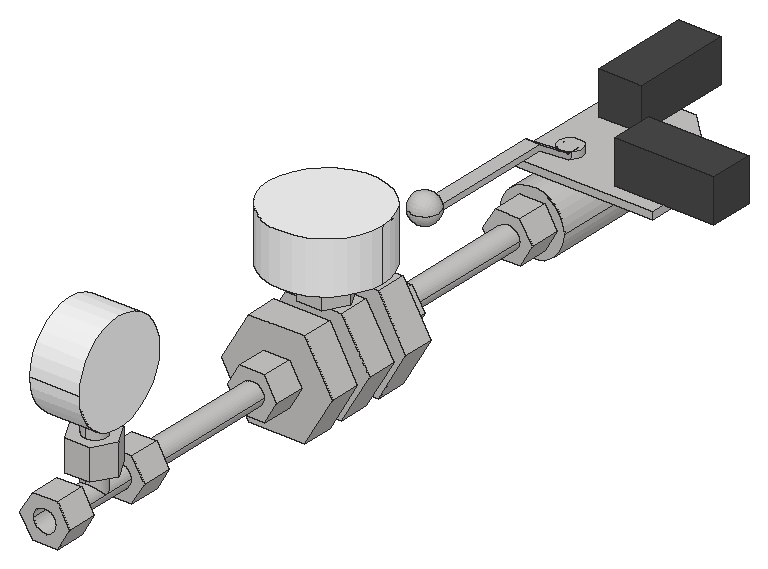
Revit family "Valvula de control con detector de flujo", category Accesorios de tuberías, Revit 2017
Family settings
  Cota de conector redondo = Radio de uso
  Tipo de pieza = Válvula - Se divide en
  Número OmniClass = 23.65.55.14.17
  Título OmniClass = Adjusting/Controlling Valves for Liquid Services
  Se basa en plano de trabajo = No
  Siempre vertical = Sí
  Corte con vacíos al cargar = No
  Compartido = No
Parameters (values of type "Válvula de control con detector de flujo - D 16 mm")
  URL = "http://aguilera.es/?productos=valvulas-de-control"
  Símbolo texto = yes
  Símbolo = yes
  R4 = R1 / 2  # 7.5 mm
  R3 = R2 * 1.5  # 33.75 mm
  R2 = R1 * 1.5  # 22.5 mm
  R1 = Radio + 7 mm  # 15 mm
  D4 = R4 * 2  # 15 mm
  D3 = R3 * 2  # 67.5 mm
  D2 = R2 * 2  # 45 mm
  D1 = R1 * 2  # 30 mm
  Type Comments = ""
  Modelo = "AN/VC16"
  Fabricante = "Grupo Aguilera"  # constant formula
  L mm = 99 mm
  Keynote = ""
  H mm = 138 mm
  Descripción = "Dispositivo de control diseñado como elemento de supervisión del sistema de agua nebulizada. Se instala en aquellos tramos de tubería en los que se precise una confirmación de estado y garantía de funcionamiento del sistema en caso de disparo. Este equipo se fabrica en acero inoxidable para cuatro diámetros de paso del colector."  # constant formula
  Code = ""
  Assembly Code = ""
  A mm = 70 mm
  Radio = 8 mm
Reference planes
  plane 1 "Center (Front/Back)": y = 0
  plane 2: z = 0
  plane 3 "Center (Left/Right)": x = 0
  plane 4: through (-17.315, -1726.5, -0.009) normal (0.866, 0, 0.5)
  plane 5: through (8.142, -1726.5, 15.897) normal (0.866, 0, 0.5)
  plane 6: through (-6.386, -1726.5, 11.061) normal (0.866, 0, 0.5)
  plane 7: through (-8.65, -1726.5, 14.982) normal (0.866, 0, -0.5)
  plane 8: through (8.665, -1726.5, 14.973) normal (0.866, 0, -0.5)
  plane 9: through (17.331, -1726.5, -0.018) normal (0.866, 0, -0.5)
  plane 10: z = 15
  plane 11: z = -15
  plane 12: through (-6.376, -1458.5, 11.061) normal (0.866, 0, 0.5)
  plane 13: y = -225
  plane 14: y = -181
  plane 15: y = -246.5
  plane 16: through (-17.315, -1480, -0.009) normal (0.866, 0, 0.5)
  plane 17: through (8.142, -1480, 15.897) normal (0.866, 0, 0.5)
  plane 18: through (-6.386, -1480, 11.061) normal (0.866, 0, 0.5)
  plane 19: through (-8.65, -1480, 14.982) normal (0.866, 0, -0.5)
  plane 20: through (8.665, -1480, 14.973) normal (0.866, 0, -0.5)
  plane 21: through (17.331, -1480, -0.018) normal (0.866, 0, -0.5)
  plane 22: z = 15
  plane 23: z = -15
  plane 24: y = -159.5
  plane 25: through (-6.386, -1458.5, 11.061) normal (0.866, 0, 0.5)
  plane 26: y = -64.5
  plane 27: through (-17.315, -1363.5, -0.009) normal (0.866, 0, 0.5)
  plane 28: through (8.142, -1363.5, 15.897) normal (0.866, 0, 0.5)
  plane 29: through (-6.386, -1363.5, 11.061) normal (0.866, 0, 0.5)
  plane 30: through (-8.65, -1363.5, 14.982) normal (0.866, 0, -0.5)
  plane 31: through (8.665, -1363.5, 14.973) normal (0.866, 0, -0.5)
  plane 32: through (17.331, -1363.5, -0.018) normal (0.866, 0, -0.5)
  plane 33: z = 15
  plane 34: z = -15
  plane 35: y = -43
  plane 36: through (-33.553, -1342, -9.384) normal (0.866, 0, 0.5)
  plane 37: through (24.38, -1342, 25.272) normal (0.866, 0, 0.5)
  plane 38: through (-6.386, -1342, 11.061) normal (0.866, 0, 0.5)
  plane 39: through (-24.888, -1342, 24.357) normal (0.866, 0, -0.5)
  plane 40: through (8.665, -1342, 14.973) normal (0.866, 0, -0.5)
  plane 41: through (33.569, -1342, -9.393) normal (0.866, 0, -0.5)
  plane 42: z = 33.75
  plane 43: z = -33.75
  plane 44: y = -21.5
  plane 45: through (-33.553, -1309.75, -9.384) normal (0.866, 0, 0.5)
  plane 46: through (24.38, -1309.75, 25.272) normal (0.866, 0, 0.5)
  plane 47: through (-6.386, -1309.75, 11.061) normal (0.866, 0, 0.5)
  plane 48: through (-24.888, -1309.75, 24.357) normal (0.866, 0, -0.5)
  plane 49: through (8.665, -1309.75, 14.973) normal (0.866, 0, -0.5)
  plane 50: through (33.569, -1309.75, -9.393) normal (0.866, 0, -0.5)
  plane 51: z = 33.75
  plane 52: z = -33.75
  plane 53: y = -10.75
  plane 54: y = 10.75
  plane 55: z = 0
  plane 56: through (-6.386, -1320.5, 11.061) normal (0.866, 0, 0.5)
  plane 57: through (-6.386, -1288.25, 11.061) normal (0.866, 0, 0.5)
  plane 58: y = 21.5
  plane 59: through (-33.553, -1277.5, -9.384) normal (0.866, 0, 0.5)
  plane 60: through (24.38, -1277.5, 25.272) normal (0.866, 0, 0.5)
  plane 61: through (-6.386, -1277.5, 11.061) normal (0.866, 0, 0.5)
  plane 62: through (-24.888, -1277.5, 24.357) normal (0.866, 0, -0.5)
  plane 63: through (8.665, -1277.5, 14.973) normal (0.866, 0, -0.5)
  plane 64: through (33.569, -1277.5, -9.393) normal (0.866, 0, -0.5)
  plane 65: z = 33.75
  plane 66: z = -33.75
  plane 67: z = 0
  plane 68: through (-17.315, -1256, -0.009) normal (0.866, 0, 0.5)
  plane 69: through (8.142, -1256, 15.897) normal (0.866, 0, 0.5)
  plane 70: through (-6.386, -1256, 11.061) normal (0.866, 0, 0.5)
  plane 71: through (-8.65, -1256, 14.982) normal (0.866, 0, -0.5)
  plane 72: through (8.665, -1256, 14.973) normal (0.866, 0, -0.5)
  plane 73: through (17.331, -1256, -0.018) normal (0.866, 0, -0.5)
  plane 74: z = 15
  plane 75: z = -15
  plane 76: z = 0
  plane 77: y = 43
  plane 78: y = 64.5
  plane 79: through (-6.386, -1234.5, 11.061) normal (0.866, 0, 0.5)
  plane 80: y = 159.5
  plane 81: through (-17.315, -1139.5, -0.009) normal (0.866, 0, 0.5)
  plane 82: through (8.142, -1139.5, 15.897) normal (0.866, 0, 0.5)
  plane 83: through (-6.386, -1139.5, 11.061) normal (0.866, 0, 0.5)
  plane 84: through (-8.65, -1139.5, 14.982) normal (0.866, 0, -0.5)
  plane 85: through (8.665, -1139.5, 14.973) normal (0.866, 0, -0.5)
  plane 86: through (17.331, -1139.5, -0.018) normal (0.866, 0, -0.5)
  plane 87: z = 15
  plane 88: z = -15
  plane 89: z = 0
  plane 90: y = 181
  plane 91: through (-6.386, -1118, 11.061) normal (0.866, 0, 0.5)
  plane 92: y = 249
  plane 93: y = 270.5
  plane 94: through (-17.315, -1050, -0.009) normal (0.866, 0, 0.5)
  plane 95: through (8.142, -1050, 15.897) normal (0.866, 0, 0.5)
  plane 96: through (-6.386, -1050, 11.061) normal (0.866, 0, 0.5)
  plane 97: through (-8.65, -1050, 14.982) normal (0.866, 0, -0.5)
  plane 98: through (8.665, -1050, 14.973) normal (0.866, 0, -0.5)
  plane 99: through (17.331, -1050, -0.018) normal (0.866, 0, -0.5)
  plane 100: z = 15
  plane 101: z = -15
  plane 102: z = 0
  plane 103: through (-17.315, -202.991, 1516.5) normal (0.866, 0.5, 0)
  plane 104: through (8.142, -187.085, 1516.5) normal (0.866, 0.5, 0)
  plane 105: through (-6.386, -191.922, 1516.5) normal (0.866, 0.5, 0)
  plane 106: through (-8.65, -188, 1516.5) normal (0.866, -0.5, 0)
  plane 107: through (8.665, -188.009, 1516.5) normal (0.866, -0.5, 0)
  plane 108: through (17.331, -203, 1516.5) normal (0.866, -0.5, 0)
  plane 109: y = -187.982
  plane 110: y = -217.982
  plane 111: y = -203
  plane 112: z = 15
  plane 113: z = 36.5
  plane 114: y = -202.982
  plane 115: through (-17.315, -202.991, 1538) normal (0.866, 0.5, 0)
  plane 116: through (8.142, -187.085, 1538) normal (0.866, 0.5, 0)
  plane 117: through (-6.386, -191.922, 1538) normal (0.866, 0.5, 0)
  plane 118: y = -187.982
  plane 119: y = -217.982
  plane 120: y = -202.982
  plane 121: z = 51.5
  plane 122: through (17.315, 0.009, -1467.75) normal (-0.866, 0.5, 0)
  plane 123: through (-8.142, 15.915, -1467.75) normal (-0.866, 0.5, 0)
  plane 124: through (6.386, 11.078, -1467.75) normal (-0.866, 0.5, 0)
  plane 125: through (8.65, 15, -1467.75) normal (-0.866, -0.5, 0)
  plane 126: through (-8.665, 14.991, -1467.75) normal (-0.866, -0.5, 0)
  plane 127: through (-17.331, 0, -1467.75) normal (-0.866, -0.5, 0)
  plane 128: y = 15.018
  plane 129: y = -14.982
  plane 130: y = 0.018
  plane 131: through (-17.315, -0.009, 1538) normal (0.866, 0.5, 0)
  plane 132: through (8.142, 15.897, 1538) normal (0.866, 0.5, 0)
  plane 133: through (-6.386, 11.061, 1538) normal (0.866, 0.5, 0)
  plane 134: y = 15
  plane 135: y = -15
  plane 136: y = 0
  plane 137: through (-17.315, 214.462, 1538) normal (0.866, 0.5, 0)
  plane 138: through (8.142, 230.368, 1538) normal (0.866, 0.5, 0)
  plane 139: through (-6.386, 225.531, 1538) normal (0.866, 0.5, 0)
  plane 140: y = 229.471
  plane 141: y = 199.471
  plane 142: y = 214.471
Forms (mm)
  Extrusion 1, solid, material "Acero inoxidable"
    sketch origin (-18, -225, 104.173) x (1, 0, 0) y (0, 0, 1)
      loop
        line (26.66, -89.173) -> (9.36, -89.173) -> (0.69, -104.191) -> (9.34, -119.173) -> (26.681, -119.173) -> (35.331, -104.191) -> (26.66, -89.173)
      loop
        circle (18, -104.173) r 8
    from 0 to 21.5
  Extrusion 2, solid, material "Acero inoxidable"
    sketch origin (-17.31, -159.5, 1200) x (-1, 0, 0) y (0, 0, 1)
      loop
        circle (-17.341, -1200.036) r 8
    from -65.5 to -21.5
  Extrusion 3, solid, material "Acero inoxidable"
    sketch origin (-17.31, -181, 1200) x (-1, 0, 0) y (0, 0, 1)
      loop
        line (-25.971, -1185) -> (-34.641, -1200.018) -> (-25.991, -1215) -> (-8.65, -1215) -> (0, -1200.018) -> (-8.671, -1185) -> (-25.971, -1185)
      loop
        circle (-17.31, -1200) r 8
    from 0 to 21.5
  Extrusion 4, solid, material "Acero inoxidable"
    sketch origin (-60.275, -159.5, 1200) x (-1, 0, 0) y (0, 0, 1)
      loop
        circle (-60.275, -1200) r 8
    from 0 to 95
  Extrusion 5, solid, material "Acero inoxidable"
    sketch origin (-17.31, -64.5, 1200) x (-1, 0, 0) y (0, 0, 1)
      loop
        line (-25.971, -1185) -> (-34.641, -1200.018) -> (-25.991, -1215) -> (-8.65, -1215) -> (0, -1200.018) -> (-8.671, -1185) -> (-25.971, -1185)
      loop
        circle (-17.31, -1200) r 8
    from 0 to 21.5
  Extrusion 6, solid, material "Acero inoxidable"
    sketch origin (-17.31, -43, 1200) x (-1, 0, 0) y (0, 0, 1)
      loop
        line (-36.796, -1166.25) -> (-56.292, -1200.018) -> (-36.816, -1233.75) -> (2.175, -1233.75) -> (21.651, -1200.018) -> (2.155, -1166.25) -> (-36.796, -1166.25)
      loop
        circle (-17.31, -1200) r 8
    from 0 to 21.5
  Extrusion 7, solid, material "Acero inoxidable"
    sketch origin (-17.31, -10.75, 1200) x (-1, 0, 0) y (0, 0, 1)
      loop
        line (-36.796, -1166.25) -> (-56.292, -1200.018) -> (-36.816, -1233.75) -> (2.175, -1233.75) -> (21.651, -1200.018) -> (2.155, -1166.25) -> (-36.796, -1166.25)
      loop
        circle (-17.31, -1200) r 8
    from 0 to 21.5
  Extrusion 8, solid, material "Acero inoxidable"
    sketch origin (-17.31, -21.5, 1200) x (-1, 0, 0) y (0, 0, 1)
      loop
        circle (-17.31, -1200) r 15
    from 0 to 10.75
  Extrusion 9, solid, material "Acero inoxidable"
    sketch origin (-17.31, 10.75, 1200) x (-1, 0, 0) y (0, 0, 1)
      loop
        circle (-17.31, -1200) r 15
    from 0 to 10.75
  Extrusion 10, solid, material "Acero inoxidable"
    sketch origin (-17.31, 21.5, 1200) x (-1, 0, 0) y (0, 0, 1)
      loop
        line (-36.796, -1166.25) -> (-56.292, -1200.018) -> (-36.816, -1233.75) -> (2.175, -1233.75) -> (21.651, -1200.018) -> (2.155, -1166.25) -> (-36.796, -1166.25)
      loop
        circle (-17.31, -1200) r 8
    from 0 to 21.5
  Extrusion 11, solid, material "Acero inoxidable"
    sketch origin (-17.31, 43, 1200) x (-1, 0, 0) y (0, 0, 1)
      loop
        line (-25.971, -1185) -> (-34.641, -1200.018) -> (-25.991, -1215) -> (-8.65, -1215) -> (0, -1200.018) -> (-8.671, -1185) -> (-25.971, -1185)
      loop
        circle (-17.31, -1200) r 8
    from 0 to 21.5
  Extrusion 12, solid, material "Acero inoxidable"
    sketch origin (-17.31, 64.5, 1200) x (-1, 0, 0) y (0, 0, 1)
      loop
        circle (-17.31, -1200) r 8
    from 0 to 95
  Extrusion 13, solid, material "Acero inoxidable"
    sketch origin (14.466, 159.5, 1200) x (-1, 0, 0) y (0, 0, 1)
      loop
        line (5.806, -1185) -> (-2.864, -1200.018) -> (5.786, -1215) -> (23.127, -1215) -> (31.777, -1200.018) -> (23.106, -1185) -> (5.806, -1185)
      loop
        circle (14.466, -1200) r 8
    from 0 to 21.5
  Extrusion 14, solid, material "Acero inoxidable"
    sketch origin (-17.31, 181, 1200) x (-1, 0, 0) y (0, 0, 1)
      loop
        circle (-17.31, -1200) r 22.5
    from 0 to 68
  Extrusion 15, solid, material "Acero inoxidable"
    sketch origin (-17.31, 249, 1200) x (-1, 0, 0) y (0, 0, 1)
      loop
        line (-25.971, -1185) -> (-34.641, -1200.018) -> (-25.991, -1215) -> (-8.65, -1215) -> (0, -1200.018) -> (-8.671, -1185) -> (-25.971, -1185)
      loop
        circle (-17.31, -1200) r 8
    from 0 to 21.5
  Extrusion 16, solid, material "Acero inoxidable"
    sketch origin (4267.2, -246.5, 15) x (0, -1, 0) y (1, 0, 0)
      loop
        line (-58.518, -4258.54) -> (-58.518, -4275.84) -> (-43.5, -4284.51) -> (-28.518, -4275.86) -> (-28.518, -4258.519) -> (-43.5, -4249.869) -> (-58.518, -4258.54)
      loop
        circle (-43.518, -4267.2) r 8
    from 0 to 21.5
  Extrusion 17, solid, material "Acero inoxidable"
    sketch origin (4267.2, -243.827, 36.5) x (0, -1, 0) y (1, 0, 0)
      loop
        circle (-40.845, -4267.2) r 8
    from -36.5 to 15
  Extrusion 18, solid, material "Plastico blanco"
    sketch origin (0, 0, 0) x (0, 1, 0) y (0, 0, 1)
      loop
        circle (-203, 80.689) r 35
    from -17.31 to 17.331
  Extrusion 19, solid, material "Acero inoxidable"
    sketch origin (-3.608, -10.75, 33.75) x (-1, 0, 0) y (0, -1, 0)
      loop
        line (5.052, -25.768) -> (13.722, -10.75) -> (5.072, 4.232) -> (-12.269, 4.232) -> (-20.919, -10.75) -> (-12.248, -25.768) -> (5.052, -25.768)
      loop
        circle (-3.608, -10.768) r 8
    from 0 to 21.5
  Extrusion 20, solid, material "Acero inoxidable"
    sketch origin (4267.2, -40.845, 36.5) x (0, -1, 0) y (1, 0, 0)
      loop
        circle (-40.845, -4267.2) r 8
    from -36.5 to 15
  Extrusion 21, solid, material "Plastico blanco"
    sketch origin (-3.608, -10.75, 55.25) x (-1, 0, 0) y (0, -1, 0)
      loop
        circle (-3.608, -10.75) r 40
    from 0 to 36.255
  Extrusion 22, solid, material "Acero inoxidable"
    sketch origin (8.66, 274, 15) x (-1, 0, 0) y (0, -1, 0)
      loop
        line (31.01, -15.471) -> (31.01, 84.529) -> (-68.99, 84.529) -> (-68.99, 34.529) -> (-18.99, -15.471) -> (31.01, -15.471)
    from 10 to 15
  Extrusion 23, solid, material "Acero inoxidable"
    sketch origin (4267.2, 173.626, 36.5) x (0, -1, 0) y (1, 0, 0)
      loop
        circle (-40.845, -4267.2) r 8
    from -36.5 to -2.503
  Extrusion 24, solid, material "Plastico negro"
    sketch origin (8.66, 274, 30) x (-1, 0, 0) y (0, -1, 0)
      loop
        line (-103.99, 74.529) -> (-103.99, 44.529) -> (-33.99, 44.529) -> (-33.99, 74.529) -> (-103.99, 74.529)
    from 0 to 30
  Extrusion 25, solid, material "Plastico negro"
    sketch origin (-56.879, 220.48, 30) x (0, -1, 0) y (1, 0, 0)
      loop
        line (-103.99, 74.529) -> (-103.99, 44.529) -> (-33.99, 44.529) -> (-33.99, 74.529) -> (-103.99, 74.529)
    from 0 to 30
  Extrusion 26, solid, material "Acero inoxidable"
    sketch origin (0, 0, 0) x (0, 1, 0) y (0, 0, 1)
      loop
        line (214.471, 30) -> (214.471, 33.997) -> (206.471, 33.997) -> (181, 50.646) -> (86.471, 50.646) -> (86.471, 46.649) -> (181, 46.649) -> (206.471, 30) -> (214.471, 30)
    from 5 to -5
  Revolve 27, solid, material "Acero inoxidable"
    sketch origin (0, 206.471, 50.646) x (0, -1, 0) y (1, 0, 0)
      loop
        arc (120, -10) -> (130, 0) -> (120, 10) r 10
        line (120, 10) -> (120, -10)
      axis (120, -10) -> (120, 10)
    angle from 0 to 360
Dimensions and locks
  equal spacing: plane 9, plane 8, plane 7
  equal spacing: plane 10, level, plane 11
  "D1": plane 5 to plane 4
  equal spacing: plane 5, plane 6, plane 4
  "D1": plane 9 to plane 7
  "D1": plane 10 to plane 11
  plane 13 to plane 15 = 21.5 mm
  plane 14 to plane 13 = 44 mm
  equal spacing: plane 21, plane 20, plane 19
  "D1": plane 17 to plane 16
  equal spacing: plane 17, plane 18, plane 16
  "D1": plane 21 to plane 19
  "D1": plane 22 to plane 23
  plane 24 to plane 14 = 21.5 mm
  equal spacing: plane 32, plane 31, plane 30
  "D1": plane 28 to plane 27
  equal spacing: plane 28, plane 29, plane 27
  "D1": plane 32 to plane 30
  "D1": plane 33 to plane 34
  plane 35 to plane 26 = 21.5 mm
  equal spacing: plane 41, plane 40, plane 39
  "D3": plane 37 to plane 36
  equal spacing: plane 37, plane 38, plane 36
  "D3": plane 41 to plane 39
  "D3": plane 42 to plane 43
  equal spacing: plane 22, plane 2, plane 23
  equal spacing: plane 33, plane 2, plane 34
  equal spacing: plane 42, plane 2, plane 43
  equal spacing: plane 50, plane 49, plane 48
  "D3": plane 46 to plane 45
  equal spacing: plane 46, plane 47, plane 45
  "D3": plane 50 to plane 48
  "D3": plane 51 to plane 52
  equal spacing: plane 51, plane 55, plane 52
  equal spacing: plane 64, plane 63, plane 62
  "D3": plane 60 to plane 59
  equal spacing: plane 60, plane 61, plane 59
  "D3": plane 64 to plane 62
  "D3": plane 65 to plane 66
  equal spacing: plane 65, plane 67, plane 66
  equal spacing: plane 73, plane 72, plane 71
  "D1": plane 69 to plane 68
  equal spacing: plane 69, plane 70, plane 68
  "D1": plane 73 to plane 71
  "D1": plane 74 to plane 75
  equal spacing: plane 74, plane 76, plane 75
  plane 44 to plane 35 = 21.5 mm
  plane 54 to plane 53 = 21.5 mm
  plane 77 to plane 58 = 21.5 mm
  plane 78 to plane 77 = 21.5 mm
  equal spacing: plane 86, plane 85, plane 84
  "D1": plane 82 to plane 81
  equal spacing: plane 82, plane 83, plane 81
  "D1": plane 86 to plane 84
  "D1": plane 87 to plane 88
  equal spacing: plane 87, plane 89, plane 88
  plane 90 to plane 80 = 21.5 mm
  locked: plane 92 to plane 90 at 68
  equal spacing: plane 99, plane 98, plane 97
  "D1": plane 95 to plane 94
  equal spacing: plane 95, plane 96, plane 94
  "D1": plane 99 to plane 97
  "D1": plane 100 to plane 101
  equal spacing: plane 100, plane 102, plane 101
  plane 93 to plane 92 = 21.5 mm
  equal spacing: plane 108, plane 107, plane 106
  "D1": plane 104 to plane 103
  equal spacing: plane 104, plane 105, plane 103
  "D1": plane 108 to plane 106
  "D1": plane 109 to plane 110
  equal spacing: plane 13, plane 111, plane 14
  plane 113 to plane 112 = 21.5 mm
  "R1": plane 112 to plane 2
  equal spacing: plane 109, plane 114, plane 110
  equal spacing: plane 127, plane 126, plane 125
  "D1": plane 123 to plane 122
  equal spacing: plane 123, plane 124, plane 122
  "D1": plane 127 to plane 125
  "D1": plane 128 to plane 129
  equal spacing: plane 128, plane 130, plane 129
  "Radio": radius of Extrusion 1 sketch curve
  "Radio": radius of Extrusion 2 sketch curve
  "Radio": radius of Extrusion 3 sketch curve
  "Radio": radius of Extrusion 4 sketch curve
  "Radio": radius of Extrusion 5 sketch curve
  "Radio": radius of Extrusion 6 sketch curve
  "Radio": radius of Extrusion 7 sketch curve
  "R1": radius of Extrusion 8 sketch curve
  "R1": radius of Extrusion 9 sketch curve
  "Radio": radius of Extrusion 10 sketch curve
  "Radio": radius of Extrusion 11 sketch curve
  "Radio": radius of Extrusion 12 sketch curve
  "Radio": radius of Extrusion 13 sketch curve
  "R2": radius of Extrusion 14 sketch curve
  "Radio": radius of Extrusion 15 sketch curve
  "Radio": radius of Extrusion 16 sketch curve
  "Radio": radius of Extrusion 17 sketch curve
  "Radio": radius of Extrusion 19 sketch curve
  "Radio": radius of Extrusion 20 sketch curve
  "Radio": radius of Extrusion 23 sketch curve
  aligned and locked: level to plane 2
  aligned and locked: plane 5 to Extrusion 1 sketch curve
  aligned and locked: Extrusion 1 sketch curve to plane 4
  aligned and locked: Extrusion 1 sketch curve to plane 7
  aligned and locked: plane 9 to Extrusion 1 sketch curve
  aligned and locked: Extrusion 1 sketch curve to plane 11
  aligned and locked: plane 10 to Extrusion 1 sketch curve
  aligned and locked: plane 14 to Extrusion 2
  aligned and locked: Extrusion 2 to Extrusion 1
  aligned and locked: plane 13 to Extrusion 1
  aligned and locked: Extrusion 1 to plane 15
  aligned and locked: plane 17 to Extrusion 3 sketch curve
  aligned and locked: Extrusion 3 sketch curve to plane 16
  aligned and locked: Extrusion 3 sketch curve to plane 19
  aligned and locked: plane 21 to Extrusion 3 sketch curve
  aligned and locked: Extrusion 3 sketch curve to plane 23
  aligned and locked: plane 22 to Extrusion 3 sketch curve
  aligned and locked: Extrusion 3 to Extrusion 2
  aligned and locked: plane 24 to Extrusion 3
  aligned and locked: Extrusion 4 to Extrusion 3
  aligned and locked: plane 26 to Extrusion 4
  aligned and locked: plane 28 to Extrusion 5 sketch curve
  aligned and locked: Extrusion 5 sketch curve to plane 27
  aligned and locked: Extrusion 5 sketch curve to plane 30
  aligned and locked: plane 32 to Extrusion 5 sketch curve
  aligned and locked: Extrusion 5 sketch curve to plane 34
  aligned and locked: plane 33 to Extrusion 5 sketch curve
  aligned and locked: Extrusion 5 to Extrusion 4
  aligned and locked: plane 35 to Extrusion 5
  aligned and locked: Extrusion 6 sketch curve to plane 37
  aligned and locked: Extrusion 6 sketch curve to plane 36
  aligned and locked: Extrusion 6 sketch curve to plane 39
  aligned and locked: plane 41 to Extrusion 6 sketch curve
  aligned and locked: Extrusion 6 sketch curve to plane 43
  aligned and locked: plane 42 to Extrusion 6 sketch curve
  aligned and locked: Extrusion 6 to Extrusion 5
  aligned and locked: plane 44 to Extrusion 6
  aligned and locked: Extrusion 7 sketch curve to plane 46
  aligned and locked: Extrusion 7 sketch curve to plane 45
  aligned and locked: Extrusion 7 sketch curve to plane 48
  aligned and locked: plane 50 to Extrusion 7 sketch curve
  aligned and locked: Extrusion 7 sketch curve to plane 52
  aligned and locked: plane 51 to Extrusion 7 sketch curve
  aligned and locked: Extrusion 7 to plane 53
  aligned and locked: plane 54 to Extrusion 7
  aligned and locked: Extrusion 8 to Extrusion 7
  aligned and locked: Extrusion 8 to Extrusion 6
  aligned and locked: Extrusion 9 to Extrusion 7
  aligned and locked: plane 58 to Extrusion 9
  aligned and locked: Extrusion 10 sketch curve to plane 60
  aligned and locked: Extrusion 10 sketch curve to plane 59
  aligned and locked: Extrusion 10 sketch curve to plane 62
  aligned and locked: plane 64 to Extrusion 10 sketch curve
  aligned and locked: Extrusion 10 sketch curve to plane 66
  aligned and locked: plane 65 to Extrusion 10 sketch curve
  aligned and locked: Extrusion 10 to Extrusion 9
  aligned and locked: plane 69 to Extrusion 11 sketch curve
  aligned and locked: Extrusion 11 sketch curve to plane 68
  aligned and locked: Extrusion 11 sketch curve to plane 71
  aligned and locked: plane 73 to Extrusion 11 sketch curve
  aligned and locked: Extrusion 11 sketch curve to plane 75
  aligned and locked: plane 74 to Extrusion 11 sketch curve
  aligned and locked: plane 78 to Extrusion 11
  aligned and locked: plane 80 to Extrusion 12
  aligned and locked: Extrusion 11 to Extrusion 12
  aligned and locked: plane 82 to Extrusion 13 sketch curve
  aligned and locked: Extrusion 13 sketch curve to plane 81
  aligned and locked: Extrusion 13 sketch curve to plane 84
  aligned and locked: plane 86 to Extrusion 13 sketch curve
  aligned and locked: Extrusion 13 sketch curve to plane 88
  aligned and locked: plane 87 to Extrusion 13 sketch curve
  aligned and locked: Extrusion 13 to Extrusion 12
  aligned and locked: plane 90 to Extrusion 13
  aligned and locked: Extrusion 14 to Extrusion 13
  aligned and locked: plane 92 to Extrusion 14
  aligned and locked: plane 95 to Extrusion 15 sketch curve
  aligned and locked: Extrusion 15 sketch curve to plane 94
  aligned and locked: Extrusion 15 sketch curve to plane 97
  aligned and locked: plane 99 to Extrusion 15 sketch curve
  aligned and locked: Extrusion 15 sketch curve to plane 101
  aligned and locked: plane 100 to Extrusion 15 sketch curve
  aligned and locked: Extrusion 15 to Extrusion 14
  aligned and locked: plane 93 to Extrusion 15
  aligned and locked: plane 104 to Extrusion 16 sketch curve
  aligned and locked: Extrusion 16 sketch curve to plane 103
  aligned and locked: Extrusion 16 sketch curve to plane 106
  aligned and locked: plane 108 to Extrusion 16 sketch curve
  aligned and locked: Extrusion 16 sketch curve to plane 110
  aligned and locked: plane 109 to Extrusion 16 sketch curve
  aligned and locked: Extrusion 1 to Extrusion 16
  aligned and locked: plane 113 to Extrusion 16
  aligned and locked: Extrusion 17 to level
  aligned and locked: plane 121 to Extrusion 17
  aligned and locked: plane 123 to Extrusion 19 sketch curve
  aligned and locked: Extrusion 19 sketch curve to plane 122
  aligned and locked: Extrusion 19 sketch curve to plane 125
  aligned and locked: plane 127 to Extrusion 19 sketch curve
  aligned and locked: Extrusion 19 sketch curve to plane 129
  aligned and locked: plane 128 to Extrusion 19 sketch curve
  aligned and locked: Extrusion 3 to Extrusion 18
  aligned and locked: Extrusion 18 to Extrusion 3
  aligned and locked: Revolve 27 sketch curve to Extrusion 26
  aligned and locked: Revolve 27 sketch curve to Revolve 27 sketch curve
Automatic sketch dimensions
  Extrusion 1 sketch curve to level = 0 mm
  Extrusion 1 sketch curve to plane 3 "Center (Left/Right)" = 0 mm
  Extrusion 2 sketch curve to Extrusion 3 = 14.964 mm
  Extrusion 2 sketch curve to Extrusion 3 = 14.973 mm
  Extrusion 3 sketch curve to level = 0 mm
  Extrusion 3 sketch curve to plane 3 "Center (Left/Right)" = 0 mm
  Extrusion 4 sketch curve to level = 0 mm
  Extrusion 4 sketch curve to plane 3 "Center (Left/Right)" = 0 mm
  Extrusion 5 sketch curve to level = 0 mm
  Extrusion 5 sketch curve to plane 3 "Center (Left/Right)" = 0 mm
  Extrusion 6 sketch curve to level = 0 mm
  Extrusion 6 sketch curve to plane 3 "Center (Left/Right)" = 0 mm
  Extrusion 7 sketch curve to level = 0 mm
  Extrusion 7 sketch curve to plane 3 "Center (Left/Right)" = 0 mm
  Extrusion 8 sketch curve to level = 0 mm
  Extrusion 8 sketch curve to plane 3 "Center (Left/Right)" = 0 mm
  Extrusion 9 sketch curve to level = 0 mm
  Extrusion 9 sketch curve to plane 3 "Center (Left/Right)" = 0 mm
  Extrusion 10 sketch curve to level = 0 mm
  Extrusion 10 sketch curve to plane 3 "Center (Left/Right)" = 0 mm
  Extrusion 11 sketch curve to level = 0 mm
  Extrusion 11 sketch curve to plane 3 "Center (Left/Right)" = 0 mm
  Extrusion 12 sketch curve to level = 0 mm
  Extrusion 12 sketch curve to plane 3 "Center (Left/Right)" = 0 mm
  Extrusion 13 sketch curve to level = 0 mm
  Extrusion 13 sketch curve to plane 3 "Center (Left/Right)" = 0 mm
  Extrusion 14 sketch curve to level = 0 mm
  Extrusion 14 sketch curve to plane 3 "Center (Left/Right)" = 0 mm
  Extrusion 15 sketch curve to level = 0 mm
  Extrusion 15 sketch curve to plane 3 "Center (Left/Right)" = 0 mm
  Extrusion 16 sketch curve to plane 3 "Center (Left/Right)" = 0 mm
  Extrusion 16 sketch curve to plane 105 = 0 mm
  Extrusion 17 sketch curve to plane 3 "Center (Left/Right)" = 0 mm
  Extrusion 17 sketch curve to plane 117 = 0 mm
  Extrusion 18 sketch curve to plane 111 = 0 mm
  plane 121 to Extrusion 18 sketch curve = 29.189 mm
  Extrusion 19 sketch curve to Extrusion 19 sketch curve = 17.31 mm
  Extrusion 7 to Extrusion 19 sketch curve = 10.732 mm
  plane 1 "Center (Front/Back)" to Extrusion 20 sketch curve = 0 mm
  Extrusion 20 sketch curve to plane 3 "Center (Left/Right)" = 0 mm
  Extrusion 21 sketch curve to Extrusion 19 = 14.982 mm
  Extrusion 21 sketch curve to Extrusion 19 = 14.991 mm
  Extrusion 22 sketch curve to Extrusion 15 = 68.99 mm
  Extrusion 22 sketch curve to Extrusion 15 = 18.971 mm
  Extrusion 22 sketch curve to Extrusion 15 = 18.99 mm
  Extrusion 22 sketch curve to Extrusion 15 = 13.71 mm
  Extrusion 22 sketch curve to Extrusion 15 = 9.529 mm
  Extrusion 22 sketch curve to Extrusion 15 = 59.529 mm
  Extrusion 23 sketch curve to plane 3 "Center (Left/Right)" = 0 mm
  Extrusion 23 sketch curve to plane 139 = 0 mm
  Extrusion 24 sketch curve to Extrusion 22 = 35 mm
  Extrusion 24 sketch curve to Extrusion 22 = 40 mm
  Extrusion 24 sketch curve to Extrusion 24 sketch curve = 30 mm
  Extrusion 24 sketch curve to Extrusion 24 sketch curve = 70 mm
  Extrusion 22 to Extrusion 25 sketch curve = 35 mm
  Extrusion 25 sketch curve to Extrusion 22 = 65 mm
  Extrusion 25 sketch curve to Extrusion 22 = 10 mm
  Extrusion 25 sketch curve to Extrusion 25 sketch curve = 30 mm
  Extrusion 26 sketch curve to plane 90 = 0 mm  (x2)
  Extrusion 26 sketch curve to plane 121 = 4.851 mm
  plane 78 to Extrusion 26 sketch curve = 21.971 mm
  Extrusion 26 sketch curve to plane 113 = 6.5 mm
  plane 90 to Extrusion 26 sketch curve = 25.471 mm
  Extrusion 26 sketch curve to Extrusion 26 sketch curve = 0 mm
  Extrusion 26 sketch curve to plane 113 = 2.503 mm
  Extrusion 26 sketch curve to Extrusion 26 sketch curve = 8 mm
  Extrusion 26 sketch curve to plane 121 = 0.854 mm
  Revolve 27 sketch curve to Extrusion 26 = 5 mm
  Extrusion 26 to Revolve 27 sketch curve = 5 mm
  Revolve 27 sketch curve to Revolve 27 sketch curve = 0 mm
  Revolve 27 sketch curve to Revolve 27 sketch curve = 11.583 mm
  radius of Extrusion 18 sketch curve = 35 mm
  radius of Extrusion 21 sketch curve = 40 mm
Nested families
  nested 1: "S_Valvula control_Aguilera Extinción" at (0, 0, 0) x (0, 1, 0) z (0, 0, 1), visible <- "Símbolo", type "S_Valvula control_Aguilera Extinción", detail levels coarse
Connectors
  piping at (0, 270.5, 0), diameter 16, driven by "Radio"
    settings: on Extrusion 15, index 1, connector inside diameter 609.6 mm, connector length 0 mm, flow factor 0, pipe flow 0.0 L/s, pressure drop 0.0 Pa, fitting loss kfactor 0, connector angle 0.00°, fixture units 0, engagement length 0 mm, angle of deflection 0.00°, flow configuration 0, flow direction 0, fitting loss method 0, system type 28, joint type 0, gender type 0, connector reference index 2, connector utility 0, adjustable connector no, is connector primary yes, connector description ""
  piping at (0, -246.5, 0), diameter 16, driven by "Radio"
    settings: on Extrusion 1, index 2, connector inside diameter 609.6 mm, connector length 0 mm, flow factor 0, pipe flow 0.0 L/s, pressure drop 0.0 Pa, fitting loss kfactor 0, connector angle 0.00°, fixture units 0, engagement length 0 mm, angle of deflection 0.00°, flow configuration 0, flow direction 0, fitting loss method 0, system type 28, joint type 0, gender type 0, connector reference index 1, connector utility 0, adjustable connector no, is connector primary no, connector description ""
Definition of nested family "S_Valvula control_Aguilera Extinción"
  Parameters (values of type "S_Valvula control_Aguilera Extinción")
    Texto símbolo = "Válvula"
    Texto modelo = yes
    Modelo = "Válvula"
  Reference planes
    plane 1: y = 0
    plane 2: x = 0
  Lines and regions (mm)
    Filled region 1, type "Negro uniforme"
      outline origin (0, 0, 0) x (1, 0, 0) y (0, 1, 0)
        loop
          line (-1.953, 0.989) -> (-1.953, -0.989) -> (0, 0) -> (-1.953, 0.989)
    Filled region 2, type "Negro uniforme"
      outline origin (0, 0, 0) x (0, 1, 0) y (-1, 0, 0)
        loop
          line (0.989, -1.953) -> (0, 0) -> (-0.989, -1.953) -> (0.989, -1.953)
    detail lines
      curve 1: line (2.965, 0, 0) -> (1.953, 0, 0)
      curve 2: line (1.953, -0.989, 0) -> (1.953, 0.989, 0)
      curve 3: line (1.953, 0.989, 0) -> (0, 0, 0)
      curve 4: line (1.953, -0.989, 0) -> (0, 0, 0)
      curve 5: line (-2.965, 0, 0) -> (-1.953, 0, 0)
      curve 6: line (-1.953, -0.989, 0) -> (-1.953, 0.989, 0)
      curve 7: line (-1.953, 0.989, 0) -> (0, 0, 0)
      curve 8: line (-1.953, -0.989, 0) -> (0, 0, 0)
  Text (mm)
    label "Texto símbolo" at (-0.164, 2.864, 0), shows "Texto símbolo", visible <- "Texto modelo"
    label "Modelo" at (-0.164, -2.652, 0), shows "Modelo", visible <- "Texto modelo"
